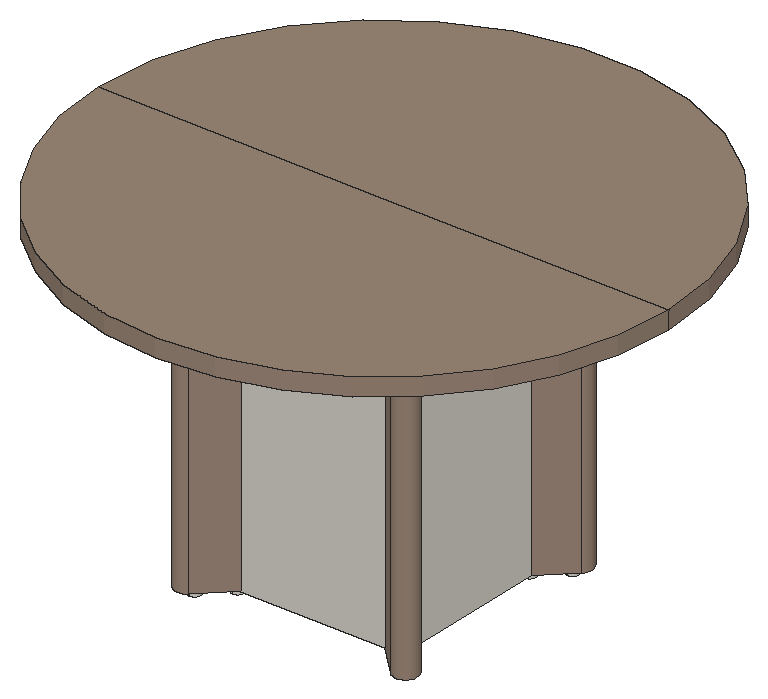
Revit family "Table-Teknion-CFRFFN_Figure_Table_Round_Gable_Enclosed_Base_Flat_Edge-R2023", category Furniture, Revit 2023 (continued)
Definition of nested family "Round - Gable Enclosed Base"
  Forms (in)
    Sweep 2, void
      profile origin (0, 0, 4) x (0, -1, 0) y (1, 0, 0)
        loop
          line (-11.41412, 0) -> (0, -11.41412) -> (11.41412, 0) -> (0, 11.41412) -> (-11.41412, 0)
    Sweep 3, void
      path origin (0, 0, 0) x (1, 0, 0) y (0, 0, 1)
        loop
          line (0, 20.75) -> (0, 26.75197)
      profile origin (0, 0, 23.75098) x (-1, 0, 0) y (0, -1, 0)
        loop
          line (-16.41478, 0) -> (0, -16.41478) -> (16.41478, 0) -> (0, 16.41478) -> (-16.41478, 0)
    Sweep 4, solid, material <- "Base Accent Finish"
      path origin (0, 0, 0) x (1, 0, 0) y (0, 0, 1)
        loop
          line (0, 25.75) -> (0, 0.5)
      profile origin (0, 0, 13.125) x (0, -1, 0) y (1, 0, 0)
        loop
          line (-12, 10.58579) -> (-12, -10.58579) -> (-11.25, -9.83579) -> (-11.25, 9.83579) -> (-12, 10.58579)
        loop
          line (9.83579, -11.25) -> (-9.83579, -11.25) -> (-10.58579, -12) -> (10.58579, -12) -> (9.83579, -11.25)
        loop
          line (11.25, 9.83579) -> (11.25, -9.83579) -> (12, -10.58579) -> (12, 10.58579) -> (11.25, 9.83579)
        loop
          line (-9.83579, 11.25) -> (9.83579, 11.25) -> (10.58579, 12) -> (-10.58579, 12) -> (-9.83579, 11.25)
    Sweep 5, solid, material <- "Glide Finish"
      path origin (0, 0, 0) x (1, 0, 0) y (0, 0, 1)
        loop
          line (0, 0.25) -> (0, 0.5)
      profile origin (0, 0, 0.375) x (-1, 0, 0) y (0, -1, 0)
        loop
          line (15.1094, -15.55134) -> (15.45795, -15.45795) -> (15.55134, -15.1094) -> (15.29619, -14.85425) -> (14.94764, -14.94764) -> (14.85425, -15.29619) -> (15.1094, -15.55134)
        loop
          line (-15.1094, -15.55134) -> (-14.85425, -15.29619) -> (-14.94764, -14.94764) -> (-15.29619, -14.85425) -> (-15.55134, -15.1094) -> (-15.45795, -15.45795) -> (-15.1094, -15.55134)
        loop
          line (15.1094, 15.55134) -> (14.85425, 15.29619) -> (14.94764, 14.94764) -> (15.29619, 14.85425) -> (15.55134, 15.1094) -> (15.45795, 15.45795) -> (15.1094, 15.55134)
        loop
          line (-15.1094, 15.55134) -> (-15.45795, 15.45795) -> (-15.55134, 15.1094) -> (-15.29619, 14.85425) -> (-14.94764, 14.94764) -> (-14.85425, 15.29619) -> (-15.1094, 15.55134)
    Sweep 6, solid, material <- "Glide Finish"
      path origin (0, 0, 0) x (1, 0, 0) y (0, 0, 1)
        loop
          line (0, 0.25) -> (0, 0)
      profile origin (0, 0, 0.125) x (0, -1, 0) y (1, 0, 0)
        loop
          circle (15.2028, -15.2028) r 0.5
        loop
          circle (15.2028, 15.2028) r 0.5
        loop
          circle (-15.2028, -15.2028) r 0.5
        loop
          circle (-15.2028, 15.2028) r 0.5
    Sweep 7, solid, material <- "Glide Finish"
      path origin (0, 0, 0) x (1, 0, 0) y (0, 0, 1)
        loop
          line (0, 0.25) -> (0, 0.5)
      profile origin (0, 0, 0.375) x (-1, 0, 0) y (0, -1, 0)
        loop
          line (7.73518, -8.17713) -> (8.08373, -8.08373) -> (8.17713, -7.73518) -> (7.92197, -7.48003) -> (7.57342, -7.57342) -> (7.48003, -7.92197) -> (7.73518, -8.17713)
        loop
          line (-7.73518, -8.17713) -> (-7.48003, -7.92197) -> (-7.57342, -7.57342) -> (-7.92197, -7.48003) -> (-8.17713, -7.73518) -> (-8.08373, -8.08373) -> (-7.73518, -8.17713)
        loop
          line (7.73518, 8.17713) -> (7.48003, 7.92197) -> (7.57342, 7.57342) -> (7.92197, 7.48003) -> (8.17713, 7.73518) -> (8.08373, 8.08373) -> (7.73518, 8.17713)
        loop
          line (-7.73518, 8.17713) -> (-8.08373, 8.08373) -> (-8.17713, 7.73518) -> (-7.92197, 7.48003) -> (-7.57342, 7.57342) -> (-7.48003, 7.92197) -> (-7.73518, 8.17713)
    Sweep 8, solid, material <- "Glide Finish"
      path origin (0, 0, 0) x (1, 0, 0) y (0, 0, 1)
        loop
          line (0, 0.25) -> (0, 0)
      profile origin (0, 0, 0.125) x (0, -1, 0) y (1, 0, 0)
        loop
          circle (7.82838, 7.82838) r 0.5
        loop
          circle (-7.82838, 7.82838) r 0.5
        loop
          circle (7.82838, -7.82838) r 0.5
        loop
          circle (-7.82838, -7.82838) r 0.5
  Cuts and joins
    Sweep 2, Sweep 3 cuts Sweep 1
    joined: Sweep 5, Sweep 6
    joined: Sweep 7, Sweep 8
  Lines and regions (in)
    symbolic lines
      curve 1: line (0, -118.46563, 26.75197) -> (0, -118.46563, 30.75197)
      curve 2: line (0, -126.46563, 29) -> (0, -126.46563, 31.25)
    reference lines
      curve 3: line (32.52691, 0, 0) -> (0, 32.52691, 0)
      curve 4: line (-32.52691, 0, 0) -> (0, 32.52691, 0)
      curve 5: line (0, -32.52691, 0) -> (-32.52691, 0, 0)
      curve 6: line (0, -32.52691, 0) -> (32.52691, 0, 0)
    symbolic lines, detail levels medium+fine
      curve 7: line (0, 1.41421, 0) -> (-14.84924, 16.26346, 0)
      curve 8: line (-16.26346, 14.84924, 0) -> (-1.41421, 0, 0)
      curve 9: arc (-16.26346, 14.84924, 0) -> (-16.26346, 16.26346, 0) -> (-14.84924, 16.26346, 0) r 1
      curve 10: line (14.84924, 16.26346, 0) -> (0, 1.41421, 0)
      curve 11: line (1.41421, 0, 0) -> (16.26346, 14.84924, 0)
      curve 12: arc (14.84924, 16.26346, 0) -> (16.26346, 16.26346, 0) -> (16.26346, 14.84924, 0) r 1
      curve 13: line (16.26346, -14.84924, 0) -> (1.41421, 0, 0)
      curve 14: line (0, -1.41421, 0) -> (14.84924, -16.26346, 0)
      curve 15: arc (16.26346, -14.84924, 0) -> (16.26346, -16.26346, 0) -> (14.84924, -16.26346, 0) r 1
      curve 16: line (-14.84924, -16.26346, 0) -> (0, -1.41421, 0)
      curve 17: line (-1.41421, 0, 0) -> (-16.26346, -14.84924, 0)
      curve 18: arc (-14.84924, -16.26346, 0) -> (-16.26346, -16.26346, 0) -> (-16.26346, -14.84924, 0) r 1
      curve 19: line (-10.58579, -12, 0) -> (10.58579, -12, 0)
      curve 20: line (9.83579, -11.25, 0) -> (-9.83579, -11.25, 0)
      curve 21: line (-12, 10.58579, 0) -> (-12, -10.58579, 0)
      curve 22: line (-11.25, -9.83579, 0) -> (-11.25, 9.83579, 0)
      curve 23: line (-9.83579, 11.25, 0) -> (9.83579, 11.25, 0)
      curve 24: line (10.58579, 12, 0) -> (-10.58579, 12, 0)
      curve 25: line (11.25, 9.83579, 0) -> (11.25, -9.83579, 0)
      curve 26: line (12, -10.58579, 0) -> (12, 10.58579, 0)
      curve 27: line (-8.9145, -7.50028, 0) -> (-7.50028, -8.9145, 0)
      curve 28: line (-6.41417, -4.99995, 0) -> (-4.99995, -6.41417, 0)
      curve 29: line (4.99995, -6.41417, 0) -> (6.41417, -4.99995, 0)
      curve 30: line (7.50028, -8.9145, 0) -> (8.9145, -7.50028, 0)
      curve 31: line (6.41417, 4.99995, 0) -> (4.99995, 6.41417, 0)
      curve 32: line (8.9145, 7.50028, 0) -> (7.50028, 8.9145, 0)
      curve 33: line (-4.99995, 6.41417, 0) -> (-6.41417, 4.99995, 0)
      curve 34: line (-7.50028, 8.9145, 0) -> (-8.9145, 7.50028, 0)
    symbolic lines, detail levels fine
      curve 35: arc (-15.2028, -14.7028, 0) -> (-15.7028, -15.2028, 0) -> (-15.2028, -15.7028, 0) r 0.5
      curve 36: arc (-15.2028, -15.7028, 0) -> (-14.7028, -15.2028, 0) -> (-15.2028, -14.7028, 0) r 0.5
      curve 37: arc (-7.82838, -7.32838, 0) -> (-8.32838, -7.82838, 0) -> (-7.82838, -8.32838, 0) r 0.5
      curve 38: arc (-7.82838, -8.32838, 0) -> (-7.32838, -7.82838, 0) -> (-7.82838, -7.32838, 0) r 0.5
      curve 39: arc (15.2028, -15.7028, 0) -> (15.7028, -15.2028, 0) -> (15.2028, -14.7028, 0) r 0.5
      curve 40: arc (15.2028, -14.7028, 0) -> (14.7028, -15.2028, 0) -> (15.2028, -15.7028, 0) r 0.5
      curve 41: arc (7.82838, -7.32838, 0) -> (7.32838, -7.82838, 0) -> (7.82838, -8.32838, 0) r 0.5
      curve 42: arc (7.82838, -8.32838, 0) -> (8.32838, -7.82838, 0) -> (7.82838, -7.32838, 0) r 0.5
      curve 43: arc (15.2028, 15.7028, 0) -> (14.7028, 15.2028, 0) -> (15.2028, 14.7028, 0) r 0.5
      curve 44: arc (15.2028, 14.7028, 0) -> (15.7028, 15.2028, 0) -> (15.2028, 15.7028, 0) r 0.5
      curve 45: arc (7.82838, 7.32838, 0) -> (8.32838, 7.82838, 0) -> (7.82838, 8.32838, 0) r 0.5
      curve 46: arc (7.82838, 8.32838, 0) -> (7.32838, 7.82838, 0) -> (7.82838, 7.32838, 0) r 0.5
      curve 47: arc (-15.2028, 14.7028, 0) -> (-14.7028, 15.2028, 0) -> (-15.2028, 15.7028, 0) r 0.5
      curve 48: arc (-15.2028, 15.7028, 0) -> (-15.7028, 15.2028, 0) -> (-15.2028, 14.7028, 0) r 0.5
      curve 49: arc (-7.82838, 7.32838, 0) -> (-7.32838, 7.82838, 0) -> (-7.82838, 8.32838, 0) r 0.5
      curve 50: arc (-7.82838, 8.32838, 0) -> (-8.32838, 7.82838, 0) -> (-7.82838, 7.32838, 0) r 0.5
  Dimensions and locks (in)
    "Width": plane 4 "Left" to plane 5 "Right"
    "Width": plane 6 "Back" to plane 7 "Front"
    locked: plane 8 "Top" to level at 29
    equal spacing: plane 6 "Back", plane 1 "Center Front/Back", plane 7 "Front"
    equal spacing: plane 4 "Left", plane 3 "Center Left/Right", plane 5 "Right"
    plane 8 "Top" to plane 11 to plane 12 = 1.500" locked, 0.74803" locked
    curve 2 to curve 1 = 8.000"
    "Dim 1": plane 13 to plane 1 "Center Front/Back"
    "Dim 1": plane 1 "Center Front/Back" to plane 14
    "Dim 1": plane 18 to plane 3 "Center Left/Right"
    "Dim 1": plane 3 "Center Left/Right" to plane 17
    "Dim 2": plane 19 to plane 16
    "Dim 2": plane 16 to plane 20
    "Dim 2": plane 21 to plane 15
    "Dim 2": plane 15 to plane 22
    locked: Sweep 1 sketch curve to plane 2 at 0.5
    locked: plane 19 to Sweep 1 sketch curve at 1
    locked: plane 21 to Sweep 1 sketch curve at 1
    locked: Sweep 1 sketch curve to plane 22 at 1
    locked: Sweep 1 sketch curve to plane 20 at 1
    Sweep 1 sketch curve to plane 15 to Sweep 1 sketch curve = 1.000" locked, 1.000" locked
    Sweep 1 sketch curve to plane 16 to Sweep 1 sketch curve = 1.000" locked, 1.000" locked
    locked: Sweep 2 sketch curve to plane 2 at 8
    "Dim 3": Sweep 2 sketch curve to plane 15
    "Dim 3": plane 15 to Sweep 2 sketch curve
    "Dim 3": Sweep 2 sketch curve to plane 16
    "Dim 3": plane 16 to Sweep 2 sketch curve
    locked: plane 12 to Sweep 3 sketch curve at 6.00197
    "Dim 4": Sweep 3 sketch curve to plane 15
    "Dim 4": plane 15 to Sweep 3 sketch curve
    "Dim 4": Sweep 3 sketch curve to plane 16  (x2)
    locked: plane 12 to Sweep 4 sketch curve at 1.00197
    locked: Sweep 4 sketch curve to plane 2 at 0.5
    locked: plane 13 to Sweep 4 sketch curve at 0.75
    locked: plane 18 to Sweep 4 sketch curve at 0.75
    locked: Sweep 4 sketch curve to plane 17 at 0.75
    locked: Sweep 4 sketch curve to plane 14 at 0.75
    Sweep 4 sketch curve to plane 16 to Sweep 4 sketch curve = 1.000" locked, 1.000" locked
    Sweep 4 sketch curve to plane 15 to Sweep 4 sketch curve = 1.000" locked, 1.000" locked
    Sweep 5 sketch curve to Sweep 5 sketch curve to plane 2 = 0.250" locked, 0.250" locked
    plane 21 to Sweep 5 sketch curve to Sweep 5 sketch curve to Sweep 5 sketch curve to Sweep 5 sketch curve to Sweep 5 sketch curve to Sweep 5 sketch curve = 1.13916" locked, 0.18042" locked, 0.000" locked, 0.36084" locked, 0.000" locked, 0.18042" locked
    Sweep 5 sketch curve to plane 16 to Sweep 5 sketch curve = 0.3125" locked, 0.3125" locked  (x2)
    Sweep 5 sketch curve to plane 15 to Sweep 5 sketch curve = 0.3125" locked, 0.3125" locked  (x2)
    plane 19 to Sweep 5 sketch curve to Sweep 5 sketch curve to Sweep 5 sketch curve to Sweep 5 sketch curve to Sweep 5 sketch curve to Sweep 5 sketch curve = 1.13916" locked, 0.18042" locked, 0.000" locked, 0.36084" locked, 0.000" locked, 0.18042" locked
    Sweep 5 sketch curve to Sweep 5 sketch curve to Sweep 5 sketch curve to Sweep 5 sketch curve to Sweep 5 sketch curve to Sweep 5 sketch curve to plane 20 = 0.18042" locked, 0.000" locked, 0.36084" locked, 0.000" locked, 0.18042" locked, 1.13916" locked
    Sweep 5 sketch curve to Sweep 5 sketch curve to Sweep 5 sketch curve to Sweep 5 sketch curve to Sweep 5 sketch curve to Sweep 5 sketch curve to plane 22 = 0.18042" locked, 0.000" locked, 0.36084" locked, 0.000" locked, 0.18042" locked, 1.13916" locked
    locked: Sweep 6 sketch curve to plane 2 at 0.25
    locked: plane 19 to Sweep 6 sketch curve at 1.5
    locked: Sweep 6 sketch curve to plane 20 at 1.5
    locked: plane 21 to Sweep 6 sketch curve at 1.5
    locked: Sweep 6 sketch curve to plane 22 at 1.5
    "Dim 5": plane 15 to plane 25
    "Dim 5": plane 15 to plane 26
    "Dim 5": plane 16 to plane 24
    "Dim 5": plane 16 to plane 23
    Sweep 7 sketch curve to Sweep 7 sketch curve to plane 2 = 0.250" locked, 0.250" locked
    Sweep 7 sketch curve to Sweep 7 sketch curve to Sweep 7 sketch curve to plane 25 to Sweep 7 sketch curve to Sweep 7 sketch curve to Sweep 7 sketch curve = 0.18042" locked, 0.000" locked, 0.18014" locked, 0.1807" locked, 0.000" locked, 0.18042" locked
    Sweep 7 sketch curve to plane 16 to Sweep 7 sketch curve = 0.3125" locked, 0.3125" locked  (x2)
    Sweep 7 sketch curve to plane 15 to Sweep 7 sketch curve = 0.3125" locked, 0.3125" locked  (x2)
    Sweep 7 sketch curve to Sweep 7 sketch curve to Sweep 7 sketch curve to plane 23 to Sweep 7 sketch curve to Sweep 7 sketch curve to Sweep 7 sketch curve = 0.18042" locked, 0.000" locked, 0.18014" locked, 0.1807" locked, 0.000" locked, 0.18042" locked
    Sweep 7 sketch curve to Sweep 7 sketch curve to Sweep 7 sketch curve to plane 26 to Sweep 7 sketch curve to Sweep 7 sketch curve to Sweep 7 sketch curve = 0.18042" locked, 0.000" locked, 0.18014" locked, 0.1807" locked, 0.000" locked, 0.18042" locked
    Sweep 7 sketch curve to Sweep 7 sketch curve to Sweep 7 sketch curve to plane 24 to Sweep 7 sketch curve to Sweep 7 sketch curve to Sweep 7 sketch curve = 0.18042" locked, 0.000" locked, 0.18014" locked, 0.1807" locked, 0.000" locked, 0.18042" locked
    locked: Sweep 8 sketch curve to plane 2 at 0.25
    aligned and locked: level to plane 2
    aligned and locked: plane 3 "Center Left/Right" to Sweep 1 sketch curve
    aligned and locked: plane 12 to Sweep 1 sketch curve
    aligned and locked: plane 15 to Sweep 1 sketch curve  (x2)
    aligned and locked: plane 16 to Sweep 1 sketch curve  (x2)
    aligned and locked: Sweep 1 sketch curve to Sweep 1 sketch curve  (x4)
    aligned and locked: Sweep 2 sketch curve to plane 3 "Center Left/Right"
    aligned and locked: plane 2 to Sweep 2 sketch curve
    aligned and locked: plane 3 "Center Left/Right" to Sweep 3 sketch curve
    aligned and locked: plane 12 to Sweep 3 sketch curve
    aligned and locked: curve 4 to plane 21
    aligned and locked: plane 20 to curve 5
    aligned and locked: curve 6 to plane 22
    aligned and locked: Sweep 4 sketch curve to plane 3 "Center Left/Right"
    aligned and locked: plane 17 to Sweep 4 sketch curve
    aligned and locked: Sweep 4 sketch curve to plane 14
    aligned and locked: Sweep 4 sketch curve to plane 18
    aligned and locked: plane 13 to Sweep 4 sketch curve
    aligned and locked: Sweep 4 sketch curve to Sweep 4 sketch curve  (x4)
    aligned and locked: plane 3 "Center Left/Right" to Sweep 5 sketch curve
    aligned and locked: plane 16 to Sweep 5 sketch curve  (x2)
    aligned and locked: plane 15 to Sweep 5 sketch curve  (x4)
    aligned and locked: Sweep 6 sketch curve to plane 3 "Center Left/Right"
    aligned and locked: plane 2 to Sweep 6 sketch curve
    aligned and locked: plane 15 to Sweep 6 sketch curve  (x2)
    aligned and locked: plane 16 to Sweep 6 sketch curve  (x2)
    aligned and locked: plane 3 "Center Left/Right" to Sweep 7 sketch curve
    aligned and locked: plane 16 to Sweep 7 sketch curve  (x4)
    aligned and locked: plane 15 to Sweep 7 sketch curve  (x4)
    aligned and locked: Sweep 8 sketch curve to plane 3 "Center Left/Right"
    aligned and locked: plane 2 to Sweep 8 sketch curve
    aligned and locked: plane 15 to Sweep 8 sketch curve  (x2)
    aligned and locked: plane 24 to Sweep 8 sketch curve
    aligned and locked: plane 26 to Sweep 8 sketch curve
    aligned and locked: plane 16 to Sweep 8 sketch curve  (x2)
    aligned and locked: plane 23 to Sweep 8 sketch curve
    aligned and locked: plane 25 to Sweep 8 sketch curve
    aligned and locked: curve 7 to cut or joined group of Sweep 1, Sweep 2, Sweep 3
    aligned and locked: curve 9 to cut or joined group of Sweep 1, Sweep 2, Sweep 3
    aligned and locked: curve 11 to cut or joined group of Sweep 1, Sweep 2, Sweep 3
    aligned and locked: curve 12 to cut or joined group of Sweep 1, Sweep 2, Sweep 3
    aligned and locked: curve 14 to cut or joined group of Sweep 1, Sweep 2, Sweep 3
    aligned and locked: curve 15 to cut or joined group of Sweep 1, Sweep 2, Sweep 3
    aligned and locked: curve 17 to cut or joined group of Sweep 1, Sweep 2, Sweep 3
    aligned and locked: curve 18 to cut or joined group of Sweep 1, Sweep 2, Sweep 3
    aligned and locked: curve 19 to Sweep 4
    aligned and locked: curve 20 to Sweep 4
    aligned and locked: curve 21 to Sweep 4
    aligned and locked: curve 22 to Sweep 4
    aligned and locked: curve 23 to Sweep 4
    aligned and locked: curve 24 to Sweep 4
    aligned and locked: curve 25 to Sweep 4
    aligned and locked: curve 26 to Sweep 4
    aligned and locked: curve 27 to cut or joined group of Sweep 1, Sweep 2, Sweep 3
    aligned and locked: curve 28 to cut or joined group of Sweep 1, Sweep 2, Sweep 3
    aligned and locked: curve 29 to cut or joined group of Sweep 1, Sweep 2, Sweep 3
    aligned and locked: curve 30 to cut or joined group of Sweep 1, Sweep 2, Sweep 3
    aligned and locked: curve 31 to cut or joined group of Sweep 1, Sweep 2, Sweep 3
    aligned and locked: curve 32 to cut or joined group of Sweep 1, Sweep 2, Sweep 3
    aligned and locked: curve 33 to cut or joined group of Sweep 1, Sweep 2, Sweep 3
    aligned and locked: curve 34 to cut or joined group of Sweep 1, Sweep 2, Sweep 3
    aligned and locked: curve 35 to cut or joined group of Sweep 5, Sweep 6
    aligned and locked: curve 36 to cut or joined group of Sweep 5, Sweep 6
    aligned and locked: curve 37 to cut or joined group of Sweep 7, Sweep 8
    aligned and locked: curve 38 to cut or joined group of Sweep 7, Sweep 8
    aligned and locked: curve 39 to cut or joined group of Sweep 5, Sweep 6
    aligned and locked: curve 40 to cut or joined group of Sweep 5, Sweep 6
    aligned and locked: curve 41 to cut or joined group of Sweep 7, Sweep 8
    aligned and locked: curve 42 to cut or joined group of Sweep 7, Sweep 8
    aligned and locked: curve 43 to cut or joined group of Sweep 5, Sweep 6
    aligned and locked: curve 44 to cut or joined group of Sweep 5, Sweep 6
    aligned and locked: curve 45 to cut or joined group of Sweep 7, Sweep 8
    aligned and locked: curve 46 to cut or joined group of Sweep 7, Sweep 8
    aligned and locked: curve 47 to cut or joined group of Sweep 5, Sweep 6
    aligned and locked: curve 48 to cut or joined group of Sweep 5, Sweep 6
    aligned and locked: curve 49 to cut or joined group of Sweep 7, Sweep 8
    aligned and locked: curve 50 to cut or joined group of Sweep 7, Sweep 8
  Automatic sketch dimensions
    curve 2 to plane 8 "Top" = 0.000"
    curve 1 to plane 12 = 0.000"
    plane 7 "Front" to curve 2 = 93.46563"
    plane 8 "Top" to curve 1 = 1.75197"
    plane 8 "Top" to curve 2 = 2.250"
    curve 3 to plane 19 = 0.000"
    Sweep 4 sketch curve to Sweep 4 sketch curve = 0.750"  (x2)
    Sweep 5 sketch curve to Sweep 5 sketch curve = 0.09339"  (x6)
    Sweep 6 sketch curve to Sweep 6 sketch curve = 0.500"  (x4)
    Sweep 6 sketch curve to Sweep 6 sketch curve = 0.000"  (x8)
    Sweep 7 sketch curve to Sweep 7 sketch curve = 0.25516"
    Sweep 7 sketch curve to Sweep 7 sketch curve = 0.09339"  (x3)
    Sweep 8 sketch curve to Sweep 8 sketch curve = 0.500"  (x4)
    Sweep 8 sketch curve to Sweep 8 sketch curve = 0.000"  (x8)
    curve 35 to curve 35 = 0.000"
    curve 18 to curve 35 = 0.35355"
    curve 37 to curve 37 = 0.000"  (x2)
    curve 40 to curve 39 = 0.000"
    curve 39 to curve 15 = 0.35355"
    curve 42 to curve 41 = 0.000"
    curve 41 to curve 41 = 0.000"
    curve 44 to curve 12 = 0.35355"
    curve 44 to curve 43 = 0.000"
    curve 45 to curve 45 = 0.000"
    curve 46 to curve 45 = 0.000"
    curve 9 to curve 48 = 0.35355"
    curve 47 to curve 47 = 0.000"
    curve 50 to curve 49 = 0.000"  (x2)
Definition of nested family "Teknion_2D_Node_Family-R2016"
  Reference planes (in)
    plane 1 "Center (Front/Back)": y = 0
    plane 2: z = 0
    plane 3 "Center (Left/Right)": x = 0
  Lines and regions (in)
    detail lines, in view "Ref. Level"
      curve 1: circle (0, 0, 0) r 1.25 normal (0, 0, 1)
      curve 2: line (1.91508, -1.91508, 0) -> (-1.91508, 1.91508, 0)
      curve 3: line (-1.91508, -1.91508, 0) -> (1.91508, 1.91508, 0)
